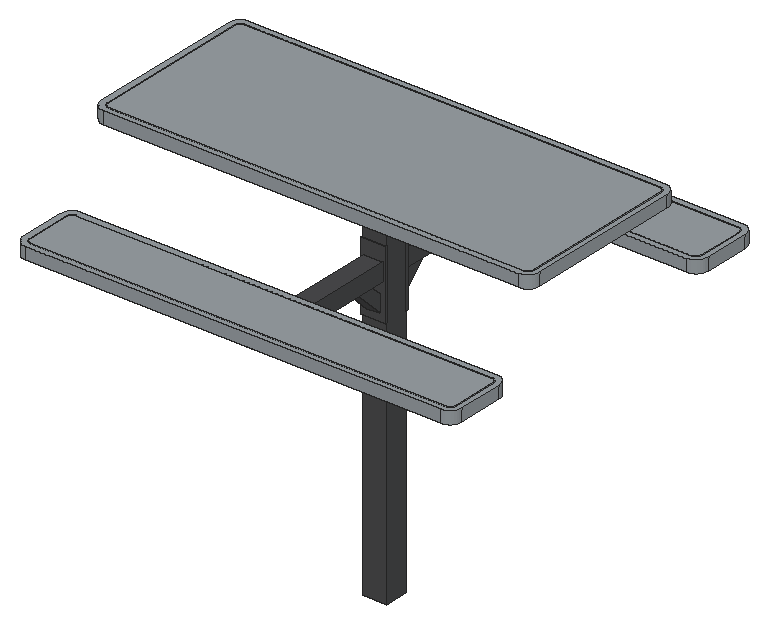
Revit family "OF-T16P", category Furniture, Revit 2020
Family settings
  Work Plane-Based = No
  Always vertical = Yes
  Cut with Voids When Loaded = No
  Shared = No
  Room Calculation Point = No
Parameters
  Table Top [instance] = Getzen Gray Expanded
  Table Frame [instance] = Getzen Gray Solid
  Surface Mount = no
  Seat Top [instance] = Getzen Gray Expanded
  Seat Frame [instance] = Getzen Gray Solid
  Mount = no
  Model = "OF-T16P"
  In Ground = no
  HS Seat Count = 6
  Frame [instance] = Getzen Black Solid
  ES Seat Count = 8
  Default Elevation = 0' - 0"
Reference planes (in)
  plane 1 "Center (Front/Back)": y = 0
  plane 2: z = 0
  plane 3 "Center (Left/Right)": x = 0
  plane 4 "Leg Left": x = -23.0625
  plane 5 "Leg Right": x = 23.0625
  plane 6 "Bench End Left": x = -36
  plane 7 "Bench End Right": x = 36
  plane 8 "Bench": z = 16.75
  plane 9 "Top": z = 29.675
Forms (in)
  Extrusion 1, solid, material "Getzen Black Solid" <- "Frame"
    sketch origin (13.875, 0, 0) x (1, 0, 0) y (0, 0, 1)
      loop
        line (-24.25, 14.5) -> (-21.875, 14.5) -> (-21.875, 16.5) -> (-22.125, 16.5) -> (-22.125, 14.75) -> (-24.25, 14.75) -> (-24.25, 14.5)
    from 20.5 to 30
  Extrusion 2, solid, material "Getzen Black Solid" <- "Frame"
    sketch origin (0, 0, 0) x (1, 0, 0) y (0, 0, 1)
      loop
        line (-24.25, 27.425) -> (-21.875, 27.425) -> (-21.875, 29.425) -> (-22.125, 29.425) -> (-22.125, 27.675) -> (-24.25, 27.675) -> (-24.25, 27.425)
    from -14 to 14
  Extrusion 3, solid, material "Getzen Black Solid" <- "Frame"
    sketch origin (-13.875, 0, 0) x (-1, 0, 0) y (0, 0, -1)
      loop
        line (-24.25, -14.5) -> (-24.25, -14.75) -> (-22.125, -14.75) -> (-22.125, -16.5) -> (-21.875, -16.5) -> (-21.875, -14.5) -> (-24.25, -14.5)
    from 20.5 to 30
  Extrusion 4, solid, material "Getzen Black Solid" <- "Frame"
    sketch origin (0, 0, 0) x (-1, 0, 0) y (0, 0, -1)
      loop
        line (-24.25, -27.425) -> (-24.25, -27.675) -> (-22.125, -27.675) -> (-22.125, -29.425) -> (-21.875, -29.425) -> (-21.875, -27.425) -> (-24.25, -27.425)
    from -14 to 14
  Extrusion 5, solid, material "Getzen Gray Solid" <- "Seat Frame"
    sketch origin (0, 0, 0) x (1, 0, 0) y (0, 1, 0)
      loop
        arc (-34, -19.5) -> (-35.41421, -20.08579) -> (-36, -21.5) r 2
        line (-36, -21.5) -> (-36, -29)
        arc (-36, -29) -> (-35.41421, -30.41421) -> (-34, -31) r 2
        line (-34, -31) -> (34, -31)
        arc (34, -31) -> (35.41421, -30.41421) -> (36, -29) r 2
        line (36, -29) -> (36, -21.5)
        arc (36, -21.5) -> (35.41421, -20.08579) -> (34, -19.5) r 2
        line (34, -19.5) -> (-34, -19.5)
      loop
        line (-35, -21.5) -> (-35, -29)
        arc (-35, -29) -> (-34.70711, -29.70711) -> (-34, -30) r 1
        line (-34, -30) -> (34, -30)
        arc (34, -30) -> (34.70711, -29.70711) -> (35, -29) r 1
        line (35, -29) -> (35, -21.5)
        arc (35, -21.5) -> (34.70711, -20.79289) -> (34, -20.5) r 1
        line (34, -20.5) -> (-34, -20.5)
        arc (-34, -20.5) -> (-34.70711, -20.79289) -> (-35, -21.5) r 1
    from 14.75 to 16.75
  Extrusion 6, solid, material "Getzen Gray Expanded" <- "Seat Top"
    sketch origin (0, 0, 0) x (1, 0, 0) y (0, 1, 0)
      loop
        arc (-34, -20.5) -> (-34.70711, -20.79289) -> (-35, -21.5) r 1
        line (-35, -21.5) -> (-35, -29)
        arc (-35, -29) -> (-34.70711, -29.70711) -> (-34, -30) r 1
        line (-34, -30) -> (34, -30)
        arc (34, -30) -> (34.70711, -29.70711) -> (35, -29) r 1
        line (35, -29) -> (35, -21.5)
        arc (35, -21.5) -> (34.70711, -20.79289) -> (34, -20.5) r 1
        line (34, -20.5) -> (-34, -20.5)
    from 16.625 to 16.75
  Extrusion 7, solid, material "Getzen Gray Solid" <- "Table Frame"
    sketch origin (0, 0, 0) x (1, 0, 0) y (0, 1, 0)
      loop
        line (34, 14) -> (-34, 14)
        arc (-34, 14) -> (-34.70711, 13.70711) -> (-35, 13) r 1
        line (-35, 13) -> (-35, -13)
        arc (-35, -13) -> (-34.70711, -13.70711) -> (-34, -14) r 1
        line (-34, -14) -> (34, -14)
        arc (34, -14) -> (34.70711, -13.70711) -> (35, -13) r 1
        line (35, -13) -> (35, 13)
        arc (35, 13) -> (34.70711, 13.70711) -> (34, 14) r 1
      loop
        line (34, 15) -> (-34, 15)
        arc (-34, 15) -> (-35.41421, 14.41421) -> (-36, 13) r 2
        line (-36, 13) -> (-36, -13)
        arc (-36, -13) -> (-35.41421, -14.41421) -> (-34, -15) r 2
        line (-34, -15) -> (34, -15)
        arc (34, -15) -> (35.41421, -14.41421) -> (36, -13) r 2
        line (36, -13) -> (36, 13)
        arc (36, 13) -> (35.41421, 14.41421) -> (34, 15) r 2
    from 27.67578 to 29.67578
  Extrusion 8, solid, material "Getzen Gray Solid" <- "Seat Frame"
    sketch origin (0, 0, 0) x (1, 0, 0) y (0, 1, 0)
      loop
        line (-34, 19.5) -> (34, 19.5)
        arc (34, 19.5) -> (35.41421, 20.08579) -> (36, 21.5) r 2
        line (36, 21.5) -> (36, 29)
        arc (36, 29) -> (35.41421, 30.41421) -> (34, 31) r 2
        line (34, 31) -> (-34, 31)
        arc (-34, 31) -> (-35.41421, 30.41421) -> (-36, 29) r 2
        line (-36, 29) -> (-36, 21.5)
        arc (-36, 21.5) -> (-35.41421, 20.08579) -> (-34, 19.5) r 2
      loop
        arc (-35, 21.5) -> (-34.70711, 20.79289) -> (-34, 20.5) r 1
        line (-34, 20.5) -> (34, 20.5)
        arc (34, 20.5) -> (34.70711, 20.79289) -> (35, 21.5) r 1
        line (35, 21.5) -> (35, 29)
        arc (35, 29) -> (34.70711, 29.70711) -> (34, 30) r 1
        line (34, 30) -> (-34, 30)
        arc (-34, 30) -> (-34.70711, 29.70711) -> (-35, 29) r 1
        line (-35, 29) -> (-35, 21.5)
    from 14.75 to 16.75
  Extrusion 9, solid, material "Getzen Gray Expanded" <- "Seat Top"
    sketch origin (0, 0, 0) x (1, 0, 0) y (0, 1, 0)
      loop
        arc (-34, 30) -> (-34.70711, 29.70711) -> (-35, 29) r 1
        line (-35, 29) -> (-35, 21.5)
        arc (-35, 21.5) -> (-34.70711, 20.79289) -> (-34, 20.5) r 1
        line (-34, 20.5) -> (34, 20.5)
        arc (34, 20.5) -> (34.70711, 20.79289) -> (35, 21.5) r 1
        line (35, 21.5) -> (35, 29)
        arc (35, 29) -> (34.70711, 29.70711) -> (34, 30) r 1
        line (34, 30) -> (-34, 30)
    from 16.625 to 16.75
  Extrusion 10, solid, material "Getzen Gray Expanded" <- "Table Top"
    sketch origin (0, 0, 0) x (1, 0, 0) y (0, 1, 0)
      loop
        arc (-34, 14) -> (-34.70711, 13.70711) -> (-35, 13) r 1
        line (-35, 13) -> (-35, -13)
        arc (-35, -13) -> (-34.70711, -13.70711) -> (-34, -14) r 1
        line (-34, -14) -> (34, -14)
        arc (34, -14) -> (34.70711, -13.70711) -> (35, -13) r 1
        line (35, -13) -> (35, 13)
        arc (35, 13) -> (34.70711, 13.70711) -> (34, 14) r 1
        line (34, 14) -> (-34, 14)
    from 29.55078 to 29.67578
  Extrusion 11, solid, material "Getzen Gray Solid" <- "Seat Frame", not visible
    sketch origin (0, 0, 0) x (1, 0, 0) y (0, 0, 1)
      loop
        line (-22.125, 29.425) -> (-22.375, 29.425) -> (-22.375, 27.67578) -> (-22.125, 27.67578) -> (-22.125, 29.425)
      loop
        line (-0.125, 29.425) -> (-0.125, 27.67578) -> (0.125, 27.67578) -> (0.125, 29.425) -> (-0.125, 29.425)
      loop
        line (22.125, 29.425) -> (22.125, 27.67578) -> (22.375, 27.67578) -> (22.375, 29.425) -> (22.125, 29.425)
    from -14 to 14
  Extrusion 12, solid, material "Getzen Black Solid" <- "Frame"
    sketch origin (0, 0, 0) x (1, 0, 0) y (0, 1, 0)
      loop
        line (-2, 2) -> (-2, -2) -> (2, -2) -> (2, 2) -> (-2, 2)
    from -36 to 29.375
  Extrusion 13, solid, material "Getzen Black Solid" <- "Frame"
    sketch origin (0, 0, 1.5) x (0, -1, 0) y (0, 0, 1)
      loop
        line (-7, 9.875) -> (-2.25, 5.125) -> (-2.25, 7.95343) -> (-4.17157, 9.875) -> (-7, 9.875)
    from -1 to 1
  Extrusion 14, solid, material "Getzen Black Solid" <- "Frame"
    sketch origin (0, 0, 1.75) x (0, -1, 0) y (0, 0, 1)
      loop
        line (-2.25, 15) -> (-2.25, 3.69459) -> (-2, 3.69459) -> (-2, 15) -> (-2.25, 15)
    from -2 to 2
  Extrusion 15, solid, material "Getzen Black Solid" <- "Frame"
    sketch origin (0, 0, 1.5) x (0, 1, 0) y (0, 0, -1)
      loop
        line (-2.25, -9.875) -> (-26.25, -9.875) -> (-26.25, -12.875) -> (-2.25, -12.875) -> (-2.25, -9.875)
    from -1.5 to 1.5
  Extrusion 16, solid, material "Getzen Black Solid" <- "Frame"
    sketch origin (0, 0, 1.5) x (0, 1, 0) y (0, 0, -1)
      loop
        line (-7, -9.875) -> (-4.17157, -9.875) -> (-2.25, -7.95343) -> (-2.25, -5.125) -> (-7, -9.875)
    from -1 to 1
  Extrusion 17, solid, material "Getzen Black Solid" <- "Frame"
    sketch origin (0, 0, 1.75) x (0, 1, 0) y (0, 0, -1)
      loop
        line (-2.25, -15) -> (-2, -15) -> (-2, -3.69459) -> (-2.25, -3.69459) -> (-2.25, -15)
    from -2 to 2
  Extrusion 18, solid, material "Getzen Black Solid" <- "Frame"
    sketch origin (0, 9.875, 3.5) x (0, 1, 0) y (0, 0, -1)
      loop
        line (-34.125, -12.875) -> (-34.125, -10.875) -> (-36.125, -10.875) -> (-36.125, -12.875) -> (-34.125, -12.875)
    from -8 to 8
  Extrusion 19, solid, material "Getzen Black Solid" <- "Frame"
    sketch origin (13.875, 0, 0) x (1, 0, 0) y (0, 0, -1)
      loop
        line (-24.25, -14.5) -> (-24.25, -14.75) -> (-22.125, -14.75) -> (-22.125, -16.5) -> (-21.875, -16.5) -> (-21.875, -14.5) -> (-24.25, -14.5)
    from 20.5 to 30
  Extrusion 20, solid, material "Getzen Black Solid" <- "Frame"
    sketch origin (-13.875, 0, 0) x (-1, 0, 0) y (0, 0, 1)
      loop
        line (-24.25, 14.5) -> (-21.875, 14.5) -> (-21.875, 16.5) -> (-22.125, 16.5) -> (-22.125, 14.75) -> (-24.25, 14.75) -> (-24.25, 14.5)
    from 20.5 to 30
  Extrusion 21, solid, material "Getzen Black Solid" <- "Frame"
    sketch origin (0, 0, 1.5) x (0, -1, 0) y (0, 0, 1)
      loop
        line (-2.25, 9.875) -> (-2.25, 12.875) -> (-26.25, 12.875) -> (-26.25, 9.875) -> (-2.25, 9.875)
    from -1.5 to 1.5
  Extrusion 22, solid, material "Getzen Black Solid" <- "Frame"
    sketch origin (0, -9.875, 3.5) x (0, -1, 0) y (0, 0, 1)
      loop
        line (-34.125, 12.875) -> (-36.125, 12.875) -> (-36.125, 10.875) -> (-34.125, 10.875) -> (-34.125, 12.875)
    from -8 to 8
  Extrusion 23, solid, material "Getzen Black Solid" <- "Frame"
    sketch origin (-23.0625, 0, 0) x (0, 1, 0) y (0, 0, 1)
      loop
        line (1, 29.375) -> (-1, 29.375) -> (-1, 27.425) -> (1, 27.425) -> (1, 29.375)
    from 25.0625 to 44.9375
  Extrusion 24, solid, material "Getzen Black Solid" <- "Frame"
    sketch origin (0, 0, 0) x (1, 0, 0) y (0, 0, 1)
      loop
        line (5, 27.425) -> (2, 24.425) -> (2, 21.59657) -> (7.82843, 27.425) -> (5, 27.425)
    from -1 to 1
  Extrusion 25, solid, material "Getzen Black Solid" <- "Frame"
    sketch origin (23.0625, 0, 0) x (0, 1, 0) y (0, 0, -1)
      loop
        line (1, -29.375) -> (1, -27.425) -> (-1, -27.425) -> (-1, -29.375) -> (1, -29.375)
    from 25.0625 to 44.9375
  Extrusion 26, solid, material "Getzen Black Solid" <- "Frame"
    sketch origin (0, 0, 0) x (-1, 0, 0) y (0, 0, -1)
      loop
        line (5, -27.425) -> (7.82843, -27.425) -> (2, -21.59657) -> (2, -24.425) -> (5, -27.425)
    from -1 to 1
Dimensions and locks (in)
  locked: Extrusion 8 sketch curve to Extrusion 8 sketch curve at 1  (x2)
  equal spacing: Extrusion 7 sketch curve, plane 3 "Center (Left/Right)", Extrusion 7 sketch curve
  Extrusion 7 sketch curve to Extrusion 7 sketch curve = 6' - 0"
  locked: Extrusion 7 sketch curve to Extrusion 7 sketch curve at 1  (x4)
  equal spacing: Extrusion 7 sketch curve, plane 1 "Center (Front/Back)", Extrusion 7 sketch curve
  locked: Extrusion 7 sketch curve to Extrusion 7 sketch curve at 30
  radius of Extrusion 7 sketch curve = 0' - 2"  (x4)
  aligned and locked: plane 2 to level
  aligned and locked: Extrusion 6 sketch curve to Extrusion 5
  aligned and locked: Extrusion 12 to Extrusion 23 sketch curve
  aligned and locked: Extrusion 2 to Extrusion 23 sketch curve
